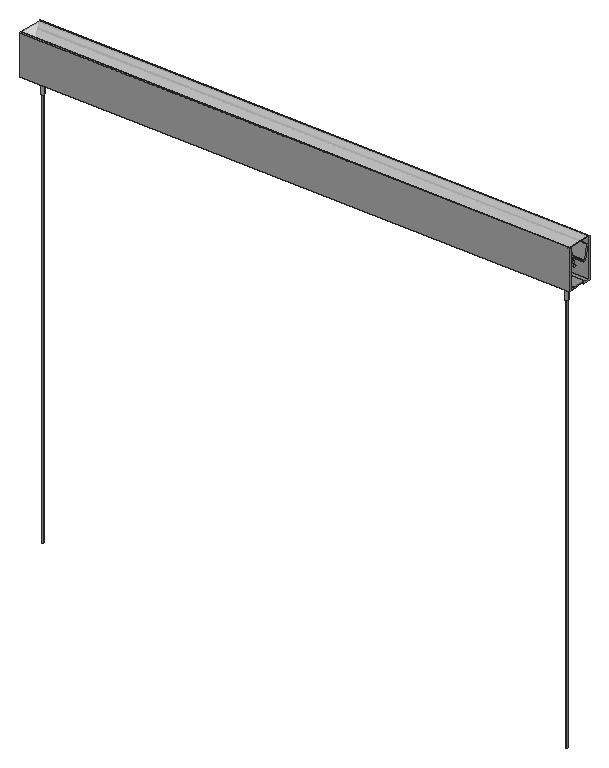
Revit family "2093121 Sylvania Lighting Fixture MC2 1-2M 3K DALI WHT OPAL", category Lighting Fixtures, host Face, Revit 2016
Family settings
  Host = Face
  Part Type = Normal
  Round Connector Dimension = Use Diameter
  OmniClass Number = 23.80.70.11.17
  OmniClass Title = Specialized Lighting by Location or Use
  Cut with Voids When Loaded = No
  Light Source = Yes
  Shared = No
  Room Calculation Point = No
Parameters (values of type "2093121 MC2 1.2M 3K DALI WHT OPAL")
  Width_SYL = 54.0 mm
  Weight = "2.5 kg"
  Wattage = 20.97 W
  WarrantyStartDate [instance] = "n/a"
  WarrantyGuarantorParts = "n/a"
  WarrantyDurationUnit = "n/a"
  WarrantyDurationParts = "n/a"
  WarrantyDescription = "n/a"
  built-in parameter 1150110 = 1 (stored number, unit not read)
  Voltage = 0 V
  URL = "http://www.sylvania-lighting.com"
  TypeName = "MC2 1.2M 3K DALI WHT OPAL"
  built-in parameter 1114217 = 1 (stored number, unit not read)
  Tilt Angle = -90.00°
  built-in parameter 1150109 = 1 (stored number, unit not read)
  built-in parameter 1150134 = (empty or 0)
  built-in parameter 1150113 = 1 (stored number, unit not read)
  SerialNumber [instance] = "n/a"
  PowerFactor = 0.98
  PowerConsumption = "20.97 W"
  NominalWidth = 0.0 mm
  NominalLength = 1200.0 mm
  NominalHeight = 86.0 mm
  Name = "MC2 1.2M 3K DALI WHT OPAL"
  ModelReference = "MC2 1.2M 3K DALI WHT OPAL"
  ModelNumber = "2093121"
  Material_3_SYL = Metal_Sylvania_Mini Contiuum II_Silver
  Photometric Web File = "2093121.ies"
  Material_4_SYL = Metal_Sylvania_Mini Contiuum II_Silver
  MountingHeight_SYL [instance] = 1000.0 mm
  Material = "aluminium housing, polycarbonate diffuser"
  ManufacturerName = "Feilo Sylvania"
  LuminousEfficacy = "105 lm/W"
  LuminaireType = ""
  LightOutputRatio = "100"
  Length_SYL = 1200.0 mm
  LampsType = Lamp  # "LED"
  LampNominalLuminous = "2207 lm"
  LampMacAdamStep = "3"
  LampColourTemperature = "3000 K"
  LampColourRenderingIndex = "80"
  Keynote = "16500"
  InstallationDate [instance] = "n/a"
  InputVoltage = "n/a"
  InputNominalFrequency = "n/a"
  IngressProtection = "IP20"
  ImpactProtectionIndex = "n/a"
  IfcExportType = "IfcLightFixtureType"
  IfcExportAs = "IfcLightFixtureType"
  Height_SYL = 86.0 mm
  ExpectedLife = 50000
  EndCapRight_SYL [instance] = no
  EndCapLeft_SYL [instance] = no
  Emit from Rectangle Width = Width_SYL - 2.0 mm  # 52.0 mm
  Emit from Rectangle Length = Length_SYL  # 1200.0 mm
  Emit Shape Visible in Rendering = no
  ElectricShockClassification = "Class I"
  DurationUnit = "hours"
  DocumentationLiterature = "http://www.sylvania-lighting.com/product/en-int/products/2093121"
  DimmingControlOptions = "n/a"
  CreatedOn = "10/15/2018"
  CreatedBy = "@sylvania-lighting.com"
  built-in parameter 1114216 [instance] = 1 (stored number, unit not read)
  Model = "MC2 1.2M 3K DALI WHT OPAL"
  Manufacturer = "Feilo Sylvania"
  built-in parameter 1150105 = 175.22 (stored number, unit not read)
  Lumens = 2201.85 lm
  built-in parameter 1150115 = 1 (stored number, unit not read)
  built-in parameter 1150137 = (empty or 0)
  built-in parameter 1150139 = (empty or 0)
  built-in parameter 1150112 = 1 (stored number, unit not read)
  built-in parameter 1150114 = 1 (stored number, unit not read)
  Lamp = "LED"
  built-in parameter 1150132 = 2
  built-in parameter 1150102 = (empty or 0)
  built-in parameter 1150107 = 3000 (stored number, unit not read)
  built-in parameter 1150138 = (empty or 0)
  built-in parameter 1150106 = 1.7522 (stored number, unit not read)
  Material_1_SYL = Metal_Sylvania_Mini Continuum II_White
  built-in parameter 1150104 = 9.7548 (stored number, unit not read)
  Dimming Lamp Color Temperature Shift = <None>
  Material_2_SYL = Polycarbonate_Sylvania_Mini Continuum II_Opal_4000K
  Description = "2093121   MC2 1.2M 3K DALI WHT OPAL  Continuous lines of LED light, white RAL 9016, direct distribution, trimless detail for a seamless finish, suitable for recessed, semi-recessed, surface-mounted or suspended installation either horizontally or vertically, various accessories available, compact and minimalist design based on the Golden Mean, ideal for offices, meeting rooms, corridors, education facilities, museums and libraries, extruded aluminium body, diffuser: opal, colour temperature: 3000K warm white, total system power: 21W, total fixture output: 2207lm, luminaire efficacy: 105lm/W, LOR: 100%, colour rendering: Ra >80, LED Chromacity: 1 step MacAdam ellipse, lifetime: 60,000 hours at 90% of the original output (L90), energy class: A++, A+, A, IR/UV free light source without heat radiation, operating voltage: 220-240V / 50-60Hz, drive current: 800mA, electronic driver, DALI dimmable, electrical protection: CLASS I, IP20, suitable for internal environment only."
  Default Elevation = 0.0 mm
  Color Filter = 16777215
  built-in parameter 1140040 [instance] = 1
  BarCode [instance] = "n/a"
  built-in parameter 1114218 = 1 (stored number, unit not read)
  built-in parameter 1150133 = 10 (stored number, unit not read)
  AssetType = "Fixed"
  AssetIdentifier [instance] = "n/a"
  Assembly Code = "D5020200"
  Apparent Load = 20.97 VA
Reference planes
  plane 1 "Center (Front/Back)": y = 0
  plane 2 "Bottom Fixtures": z = 0
  plane 3 "Center (Left/Right)": x = 0
  plane 4 "Fixture Left": x = -600
  plane 5 "Fixture Right": x = 600
  plane 6 "Fixture Bottom": z = 1000
  plane 7: z = 998
  plane 8: z = 996
  plane 9: z = 986.951
  plane 10: z = 956.951
  plane 11 "Fixture Top": z = 914
  plane 12 "Mounting Right": x = 572
  plane 13 "Mounting Left": x = -572
  plane 14: z = 879
  plane 15: y = 27
  plane 16: y = -27
  plane 17: y = -26
  plane 18: y = -25
  plane 19: y = 26
  plane 20: y = 25
  plane 21: y = 11
  plane 22: y = -11
  plane 23: y = 24
  plane 24: y = 22
  plane 25: y = -22
  plane 26: y = 15
  plane 27: y = -15
  plane 28 "Upper Diffuser Left": x = -450
  plane 29 "Upper Diffuser Right": x = 450
  plane 30: x = -602
  plane 31: x = 602
Forms (mm)
  Extrusion 1, solid, material "Metal_Sylvania_Mini Continuum II_White" <- "Material_1_SYL", detail levels fine
    sketch origin (0, 0, 520) x (0, 1, 0) y (0, 0, 1)
      loop
        line (27, 480) -> (26, 480) -> (26, 478) -> (25, 478) -> (25, 396) -> (13, 396) -> (13, 398) -> (-13, 398) -> (-13, 396) -> (-25, 396) -> (-25, 478) -> (-26, 478) -> (-26, 480) -> (-27, 480) -> (-27, 394) -> (-11, 394) -> (-11, 396) -> (11, 396) -> (11, 394) -> (27, 394) -> (27, 480)
    from -600 to 600
  Extrusion 2, solid, material "Polycarbonate_Sylvania_Mini Continuum II_Opal_4000K" <- "Material_2_SYL", detail levels fine
    sketch origin (0, 0, 520) x (0, 1, 0) y (0, 0, 1)
      loop
        line (-26, 480) -> (-26, 478) -> (26, 478) -> (26, 480) -> (-26, 480)
    from -600 to 600
  Extrusion 3, solid, material "Metal_Sylvania_Mini Contiuum II_Silver" <- "Material_3_SYL", detail levels fine
    sketch origin (0, 0, 520) x (0, 1, 0) y (0, 0, 1)
      loop
        line (22, 466.951) -> (20.973, 466.951) -> (14.206, 437.951) -> (11, 437.951) -> (11, 436.951) -> (15, 436.951) -> (22, 466.951)
      loop
        line (-15, 436.951) -> (-11, 436.951) -> (-11, 437.951) -> (-14.206, 437.951) -> (-20.973, 466.951) -> (-22, 466.951) -> (-15, 436.951)
    from -600 to 600
  Extrusion 4, solid, material "Metal_Sylvania_Mini Continuum II_White" <- "Material_1_SYL", detail levels coarse+medium
    sketch origin (0, 0, 520) x (0, 1, 0) y (0, 0, 1)
      loop
        line (-27, 480) -> (-27, 394) -> (27, 394) -> (27, 480) -> (-27, 480)
    from -600 to 600
  Extrusion 5, solid, material "Metal_Sylvania_Mini Contiuum II_Silver" <- "Material_4_SYL", detail levels fine
    sketch origin (0, 0, -86) x (-1, 0, 0) y (0, -1, 0)
      loop
        circle (572, 0) r 4
      loop
        circle (-572, 0) r 4
    from 965 to 1002
  Extrusion 6, solid, material "Metal_Sylvania_Mini Contiuum II_Silver" <- "Material_4_SYL", detail levels fine
    sketch origin (0, 0, -86) x (-1, 0, 0) y (0, -1, 0)
      loop
        circle (-572, 0) r 1
      loop
        circle (572, 0) r 1
    from 86 to 965
  Extrusion 7, solid, material "Metal_Sylvania_Mini Continuum II_White" <- "Material_1_SYL", visible <- "EndCapLeft_SYL"
    sketch origin (-600, 171.684, 1219.2) x (0, 1, 0) y (0, 0, 1)
      loop
        line (-198.684, -305.2) -> (-144.684, -305.2) -> (-144.684, -219.2) -> (-198.684, -219.2) -> (-198.684, -305.2)
    from 0 to -2
  Extrusion 8, solid, material "Metal_Sylvania_Mini Continuum II_White" <- "Material_1_SYL", visible <- "EndCapRight_SYL"
    sketch origin (600, 171.684, 1219.2) x (0, 1, 0) y (0, 0, -1)
      loop
        line (-144.684, 219.2) -> (-144.684, 305.2) -> (-198.684, 305.2) -> (-198.684, 219.2) -> (-144.684, 219.2)
    from 0 to -2
Lines and regions (mm)
  Masking region 1
    outline origin (0, 0, -86) x (-1, 0, 0) y (0, -1, 0)
      loop
        line (600, -27) -> (600, 27) -> (-600, 27) -> (-600, -27) -> (600, -27)
  symbolic lines, detail levels fine
    curve 1: line (-600, 26, -86) -> (600, 26, -86)
    curve 2: line (-600, -26, -86) -> (600, -26, -86)
  model lines, detail levels coarse+medium
    curve 3: line (-572, 0, 914) -> (-572, 0, 0)
    curve 4: line (572, 0, 914) -> (572, 0, 0)
Dimensions and locks
  host sketch curve to plane 3 "Center (Left/Right)" to host sketch curve = 820.0 mm, 775.047 mm
  equal spacing: plane 4 "Fixture Left", plane 3 "Center (Left/Right)", plane 5 "Fixture Right"
  "Length_SYL": plane 4 "Fixture Left" to plane 5 "Fixture Right"
  plane 6 "Fixture Bottom" to plane 7 to plane 8 to plane 9 to plane 10 = 2.0 mm locked, 2.0 mm locked, 9.049 mm locked, 30.0 mm locked
  locked: Extrusion 1 sketch curve to Extrusion 1 sketch curve at 2
  locked: Extrusion 1 sketch curve to plane 11 "Fixture Top" at 2
  "Height_SYL": plane 6 "Fixture Bottom" to plane 11 "Fixture Top"
  locked: plane 12 "Mounting Right" to plane 5 "Fixture Right" at 28
  locked: plane 4 "Fixture Left" to plane 13 "Mounting Left" at 28
  locked: plane 11 "Fixture Top" to plane 14 at 35
  "MountingHeight_SYL": plane 6 "Fixture Bottom" to plane 2 "Bottom Fixtures"
  equal spacing: plane 15, plane 1 "Center (Front/Back)", plane 16
  "Width_SYL": plane 15 to plane 16
  plane 22 to plane 27 to plane 25 to plane 18 to plane 17 to plane 16 = 4.0 mm locked, 7.0 mm locked, 3.0 mm locked, 1.0 mm locked, 1.0 mm locked
  plane 15 to plane 19 to plane 20 to plane 23 to plane 24 to plane 26 to plane 21 = 1.0 mm locked, 1.0 mm locked, 1.0 mm locked, 2.0 mm locked, 7.0 mm locked, 4.0 mm locked
  locked: plane 4 "Fixture Left" to plane 28 "Upper Diffuser Left" at 150
  locked: plane 29 "Upper Diffuser Right" to plane 5 "Fixture Right" at 150
  equal spacing: plane 30, plane 3 "Center (Left/Right)", plane 31
  locked: plane 30 to plane 4 "Fixture Left" at 2
  aligned and locked: plane 2 "Bottom Fixtures" to host face
  aligned and locked: level to host face
  aligned and locked: plane 5 "Fixture Right" to curve 1
  aligned and locked: plane 4 "Fixture Left" to curve 1
  aligned and locked: plane 4 "Fixture Left" to curve 2
  aligned and locked: plane 5 "Fixture Right" to curve 2
  aligned and locked: Extrusion 1 sketch curve to plane 7
  aligned and locked: plane 6 "Fixture Bottom" to Extrusion 1 sketch curve  (x2)
  aligned and locked: plane 7 to Extrusion 1 sketch curve
  aligned and locked: Extrusion 1 to Extrusion 2 sketch curve
  aligned and locked: Extrusion 2 sketch curve to Extrusion 1  (x3)
  aligned and locked: Extrusion 3 sketch curve to plane 10
  aligned and locked: plane 9 to Extrusion 3 sketch curve
  aligned and locked: Extrusion 3 sketch curve to plane 9
  aligned and locked: Extrusion 4 sketch curve to plane 6 "Fixture Bottom"
  aligned and locked: Extrusion 4 to plane 4 "Fixture Left"
  aligned and locked: Extrusion 2 to plane 4 "Fixture Left"
  aligned and locked: Extrusion 3 to plane 4 "Fixture Left"
  aligned and locked: Extrusion 1 to plane 4 "Fixture Left"
  aligned and locked: Extrusion 4 to plane 5 "Fixture Right"
  aligned and locked: Extrusion 2 to plane 5 "Fixture Right"
  aligned and locked: Extrusion 3 to plane 5 "Fixture Right"
  aligned and locked: Extrusion 1 to plane 5 "Fixture Right"
  aligned and locked: plane 11 "Fixture Top" to Extrusion 4 sketch curve
  aligned and locked: Extrusion 1 sketch curve to plane 11 "Fixture Top"  (x2)
  aligned and locked: Extrusion 1 sketch curve to Extrusion 1 sketch curve
  aligned and locked: plane 6 "Fixture Bottom" to imposter light
  aligned and locked: plane 11 "Fixture Top" to curve 3
  aligned and locked: plane 2 "Bottom Fixtures" to curve 3
  aligned and locked: plane 11 "Fixture Top" to curve 4
  aligned and locked: plane 2 "Bottom Fixtures" to curve 4
  aligned and locked: curve 4 to plane 12 "Mounting Right"
  aligned and locked: curve 3 to plane 13 "Mounting Left"
  aligned and locked: Extrusion 5 to Extrusion 1
  aligned and locked: Extrusion 5 to plane 14
  aligned and locked: plane 14 to Extrusion 6
  aligned and locked: Extrusion 6 to level
  aligned and locked: plane 21 to Extrusion 3 sketch curve
  aligned and locked: Extrusion 3 sketch curve to plane 22
  aligned and locked: Extrusion 7 sketch curve to Extrusion 4  (x4)
  aligned and locked: Extrusion 7 to plane 30
  aligned and locked: plane 4 "Fixture Left" to Extrusion 7
  aligned and locked: Extrusion 8 sketch curve to Extrusion 4  (x4)
  aligned and locked: plane 31 to Extrusion 8
  aligned and locked: plane 5 "Fixture Right" to Extrusion 8
Automatic sketch dimensions
  host sketch curve to host sketch curve = 1047.463 mm
  plane 19 to curve 1 = 0.0 mm
  curve 2 to plane 17 = 0.0 mm
  Masking region 1 sketch curve to plane 5 "Fixture Right" = 0.0 mm
  Masking region 1 sketch curve to plane 4 "Fixture Left" = 0.0 mm
  plane 15 to Masking region 1 sketch curve = 0.0 mm
  Masking region 1 sketch curve to plane 16 = 0.0 mm
  Extrusion 1 sketch curve to plane 16 = 0.0 mm
  Extrusion 1 sketch curve to plane 17 = 0.0 mm
  Extrusion 1 sketch curve to plane 18 = 0.0 mm
  Extrusion 1 sketch curve to plane 22 = 0.0 mm
  Extrusion 1 sketch curve to plane 21 = 0.0 mm
  Extrusion 1 sketch curve to plane 20 = 0.0 mm
  Extrusion 1 sketch curve to plane 19 = 0.0 mm
  Extrusion 1 sketch curve to plane 15 = 0.0 mm
  plane 11 "Fixture Top" to Extrusion 1 sketch curve = 2.0 mm
  Extrusion 1 sketch curve to plane 22 = 2.0 mm
  Extrusion 1 sketch curve to plane 21 = 2.0 mm
  Extrusion 3 sketch curve to plane 25 = 0.0 mm
  Extrusion 3 sketch curve to plane 27 = 0.0 mm
  Extrusion 3 sketch curve to plane 26 = 0.0 mm
  Extrusion 3 sketch curve to plane 24 = 0.0 mm
  plane 10 to Extrusion 3 sketch curve = 1.0 mm
  Extrusion 3 sketch curve to Extrusion 3 sketch curve = 1.027 mm
  plane 27 to Extrusion 3 sketch curve = 0.794 mm
  plane 26 to Extrusion 3 sketch curve = 0.794 mm
  plane 24 to Extrusion 3 sketch curve = 1.027 mm
  Extrusion 4 sketch curve to plane 16 = 0.0 mm
  Extrusion 4 sketch curve to plane 15 = 0.0 mm
  plane 1 "Center (Front/Back)" to Extrusion 5 sketch curve = 0.0 mm  (x2)
  Extrusion 5 sketch curve to plane 12 "Mounting Right" = 0.0 mm
  Extrusion 5 sketch curve to plane 13 "Mounting Left" = 0.0 mm
  plane 1 "Center (Front/Back)" to Extrusion 6 sketch curve = 0.0 mm  (x2)
  Extrusion 6 sketch curve to plane 12 "Mounting Right" = 0.0 mm
  Extrusion 6 sketch curve to plane 13 "Mounting Left" = 0.0 mm
  Extrusion 3 sketch curve to Extrusion 3 sketch curve = 0.0 mm
  Extrusion 3 sketch curve to plane 10 = 0.0 mm
  radius of Extrusion 5 sketch curve = 4.0 mm  (x2)
  radius of Extrusion 6 sketch curve = 1.0 mm  (x2)
Connectors
  electrical at (600, 0, 949), driven by "Apparent Load"
    settings: on Extrusion 1, index 1, voltage 230 V, apparent load 0 VA, apparent load phase1 20.97 VA, apparent load phase2 0 VA, apparent load phase3 0 VA, power factor 1, load classification "Lighting", number of poles 1, system type 31, power factor state 1, is connector primary yes, connector utility no, sub classification motor no, connector description ""
